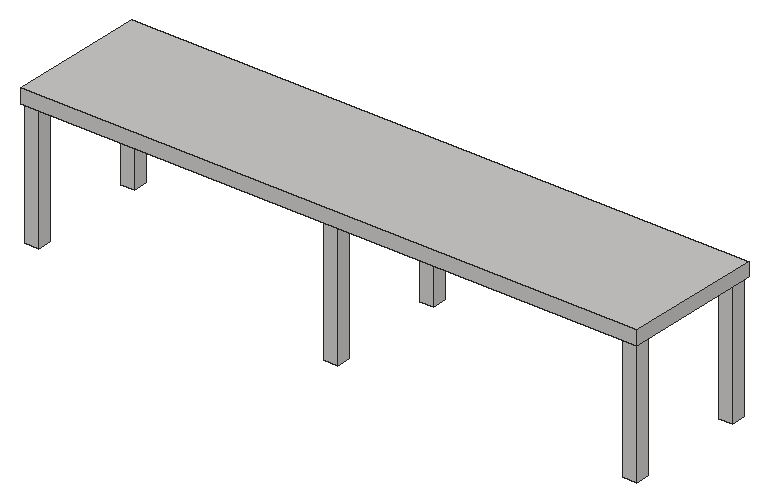
Revit family "QF_ZANUSSI_132992_OSH1L18", category Attrezzature speciali, Revit 2021
Family settings
  Quota connettore circolare = Usa diametro
  Tipo di parte = Normale
  Basato su piano di lavoro = No
  Sempre verticale = Sì
  Taglio con vuoti quando caricato = No
  Condiviso = No
  Punto di calcolo locali = No
Parameters (values of type "Standard")
  Weight = 26.00 kg
  Watts = 1100 W
  Volts = 220 V
  URL Manufacturer = "http://www.zanussiprofessional.com"
  URL = "http://www.zanussiprofessional.com"
  Steam Supply Size = 0 mm
  Steam Supply Minimum Pressure = 0.0 Pa
  Steam Supply Maximum Pressure = 0.0 Pa
  Steam Consumption per Hour = 0
  Refrigeration Suction Line Size = 0.0 mm
  Refrigeration Liquid Line Size = 0.0 mm
  Refrigerant Compressor Remote = yes
  Prospetto di default = 0.0 mm
  Phase = 1
  Modello = "OSH1L18"
  Produttore = "Zanussi"
  Length Actual = 1775.0 mm  # constant formula
  Item Number = "132992"
  Hot Water Size = 0 mm
  Height Actual = 400.0 mm  # constant formula
  HP = "1.5 HP"
  Gas Size = 0 mm
  Gas KW = 0
  Gas Input Pressure = 0 W
  Direct Waste Size = 0 mm
  Descrizione = "OVERSHELF, LED&CERAMIC, ONE TIER, 1800MM"
  Depth Actual = 400.0 mm  # constant formula
  Cycle = 50 Hz
  Condensate Return Size = 0 mm
  Compressed Air Volume = 0.0 L/s
  Compressed Air Size = 0 mm
  Compressed Air Pressure = 0.0 Pa
  Cold Water Size = 0 mm
  Accessory = yes
Reference planes
  plane 1 "Center (Front/Back)": y = 0
  plane 2: z = 0
  plane 3 "Center (Left/Right)": x = -387.5
  plane 4 "LEFT": x = -1275
  plane 5 "RIGHT": x = 500
  plane 6 "BACK": y = 350
  plane 7 "FRONT": y = -50
  plane 8 "Base": z = 1260
  plane 9 "TOP": z = 1300
  plane 10: x = -1247.2
  plane 11: x = 472.2
  plane 12: y = 322.2
  plane 13: y = -22.2
  plane 14: z = 900
  plane 15 "HotElemLeft": x = -1177.5
  plane 16 "HotElemRight": x = -457.5
  plane 17 "Button": x = -487.5
  plane 18 "Pulsante": through (0, 98.177, 1177.215) normal (0, 0.9659, -0.2588)
  plane 19: x = -1147.5
  plane 20: x = -817.5
  plane 21: x = 42.5
  plane 22 "HotElemLeft2": x = -317.5
  plane 23 "HotElemRight2": x = 402.5
  plane 24: x = 372.5
  plane 25: x = -287.5
  plane 26 "LedLeft": x = -1022.5
  plane 27 "LedRight": x = 247.5
Forms (mm)
  Extrusion 1, solid, material "QF_Finishes_Stainless Steel"
    sketch origin (-387.5, 0, 900) x (0, 1, 0) y (0, 0, 1)
      loop
        line (-50, 360) -> (350, 360) -> (350, 400) -> (-50, 400) -> (-50, 360)
    from 887.5 to -887.5
  Extrusion 2, solid, material "QF_Finishes_Stainless Steel"
    sketch origin (-1177.5, 0, 0) x (0, 0, -1) y (0, -1, 0)
      loop
        line (-1260, -125) -> (-1260, -175) -> (-1240, -175) -> (-1240, -185) -> (-1177.215, -201.823) -> (-1177.215, -189.823) -> (-1200.196, -170.54) -> (-1200.196, -129.46) -> (-1177.215, -110.177) -> (-1177.215, -98.177) -> (-1240, -115) -> (-1240, -125) -> (-1260, -125)
    from -2 to 0
  Extrusion 3, solid, material "QF_Finishes_Stainless Steel"
    sketch origin (-457.5, 0, 0) x (0, 0, -1) y (0, -1, 0)
      loop
        line (-1260, -125) -> (-1260, -175) -> (-1240, -175) -> (-1240, -185) -> (-1177.215, -201.823) -> (-1177.215, -189.823) -> (-1200.196, -170.54) -> (-1200.196, -129.46) -> (-1177.215, -110.177) -> (-1177.215, -98.177) -> (-1240, -115) -> (-1240, -125) -> (-1260, -125)
    from 0 to 2
  Extrusion 4, solid, material "QF_Finishes_Stainless Steel"
    sketch origin (-387.5, 0, 0) x (0, 1, 0) y (0, 0, 1)
      loop
        line (175, 1260) -> (125, 1260) -> (125, 1240) -> (115, 1240) -> (98.177, 1177.215) -> (110.177, 1177.215) -> (110.177, 1179.215) -> (100.783, 1179.215) -> (116.535, 1238) -> (127, 1238) -> (127, 1258) -> (173, 1258) -> (173, 1238) -> (183.465, 1238) -> (199.217, 1179.215) -> (189.823, 1179.215) -> (189.823, 1177.215) -> (201.823, 1177.215) -> (185, 1240) -> (175, 1240) -> (175, 1260)
      loop
        line (170.54, 1200.196) -> (170.54, 1202.196) -> (129.46, 1202.196) -> (129.46, 1200.196) -> (170.54, 1200.196)
    from -72 to -788
  Extrusion 5, solid, material "QF_Plastic-Black-Matte"
    sketch origin (80.054, -206.22, 41.192) x (0, -0.258819, -0.965926) y (-1, 0, 0)
      loop
        line (-1235.373, 583.554) -> (-1235.373, 551.554) -> (-1215.373, 551.554) -> (-1215.373, 583.554) -> (-1235.373, 583.554)
      loop
        line (-1233.373, 581.554) -> (-1233.373, 553.554) -> (-1217.373, 553.554) -> (-1217.373, 581.554) -> (-1233.373, 581.554)
    from 0 to -2
  Sweep 6, solid, material "QF_Finishes_Green"
    path origin (80.054, -206.22, 41.192) x (0, -0.258819, -0.965926) y (-1, 0, 0)
      loop
        line (-1233.373, 581.554) -> (-1217.373, 581.554)
    profile origin (-501.5, 110.93, 1224.811) x (-1, 0, 0) y (0, 0.965926, -0.258819)
      loop
        line (0, 0) -> (-28, 0) -> (-28, -2) -> (-14, -2) -> (-2.294, -8) -> (0, 0)
  Extrusion 7, solid, material "QF_Finishes_Light"
    sketch origin (-387.5, 0, 0) x (0, 1, 0) y (0, 0, 1)
      loop
        arc (175.262, 1176.834) -> (179.051, 1178.162) -> (178.135, 1182.071) r 3.003
        arc (178.135, 1182.071) -> (168.398, 1186.322) -> (158.051, 1188.738) r 58.388
        line (158.051, 1188.738) -> (158.051, 1200.196) -> (141.949, 1200.196) -> (141.949, 1189.541)
        arc (141.949, 1189.541) -> (131.603, 1187.125) -> (121.866, 1182.874) r 58.388
        arc (121.866, 1182.874) -> (120.548, 1178.491) -> (124.821, 1176.854) r 3.362
        arc (124.821, 1176.854) -> (150.044, 1183.315) -> (175.262, 1176.834) r 52.386
    from -760 to -100
  Extrusion 8, solid, material "QF_Finishes_Stainless Steel"
    sketch origin (-317.5, 0, 0) x (0, 0, -1) y (0, -1, 0)
      loop
        line (-1260, -125) -> (-1260, -175) -> (-1240, -175) -> (-1240, -185) -> (-1177.215, -201.823) -> (-1177.215, -189.823) -> (-1200.196, -170.54) -> (-1200.196, -129.46) -> (-1177.215, -110.177) -> (-1177.215, -98.177) -> (-1240, -115) -> (-1240, -125) -> (-1260, -125)
    from -2 to 0
  Extrusion 9, solid, material "QF_Finishes_Stainless Steel"
    sketch origin (402.5, 0, 0) x (0, 0, -1) y (0, -1, 0)
      loop
        line (-1260, -125) -> (-1260, -175) -> (-1240, -175) -> (-1240, -185) -> (-1177.215, -201.823) -> (-1177.215, -189.823) -> (-1200.196, -170.54) -> (-1200.196, -129.46) -> (-1177.215, -110.177) -> (-1177.215, -98.177) -> (-1240, -115) -> (-1240, -125) -> (-1260, -125)
    from 0 to 2
  Extrusion 10, solid, material "QF_Finishes_Stainless Steel"
    sketch origin (472.5, 0, 0) x (0, 1, 0) y (0, 0, 1)
      loop
        line (175, 1260) -> (125, 1260) -> (125, 1240) -> (115, 1240) -> (98.177, 1177.215) -> (110.177, 1177.215) -> (110.177, 1179.215) -> (100.783, 1179.215) -> (116.535, 1238) -> (127, 1238) -> (127, 1258) -> (173, 1258) -> (173, 1238) -> (183.465, 1238) -> (199.217, 1179.215) -> (189.823, 1179.215) -> (189.823, 1177.215) -> (201.823, 1177.215) -> (185, 1240) -> (175, 1240) -> (175, 1260)
      loop
        line (170.54, 1200.196) -> (170.54, 1202.196) -> (129.46, 1202.196) -> (129.46, 1200.196) -> (170.54, 1200.196)
    from -72 to -788
  Extrusion 11, solid, material "QF_Plastic-Black-Matte"
    sketch origin (940.054, -206.22, 41.192) x (0, -0.258819, -0.965926) y (-1, 0, 0)
      loop
        line (-1235.373, 583.554) -> (-1235.373, 551.554) -> (-1215.373, 551.554) -> (-1215.373, 583.554) -> (-1235.373, 583.554)
      loop
        line (-1233.373, 581.554) -> (-1233.373, 553.554) -> (-1217.373, 553.554) -> (-1217.373, 581.554) -> (-1233.373, 581.554)
    from 0 to -2
  Sweep 12, solid, material "QF_Finishes_Green"
    path origin (940.054, -206.22, 41.192) x (0, -0.258819, -0.965926) y (-1, 0, 0)
      loop
        line (-1233.373, 581.554) -> (-1217.373, 581.554)
    profile origin (358.5, 110.93, 1224.811) x (-1, 0, 0) y (0, 0.965926, -0.258819)
      loop
        line (0, 0) -> (-28, 0) -> (-28, -2) -> (-14, -2) -> (-2.294, -8) -> (0, 0)
  Extrusion 13, solid, material "QF_Finishes_Light"
    sketch origin (472.5, 0, 0) x (0, 1, 0) y (0, 0, 1)
      loop
        arc (175.262, 1176.834) -> (179.051, 1178.162) -> (178.135, 1182.071) r 3.003
        arc (178.135, 1182.071) -> (168.398, 1186.322) -> (158.051, 1188.738) r 58.388
        line (158.051, 1188.738) -> (158.051, 1200.196) -> (141.949, 1200.196) -> (141.949, 1189.541)
        arc (141.949, 1189.541) -> (131.603, 1187.125) -> (121.866, 1182.874) r 58.388
        arc (121.866, 1182.874) -> (120.548, 1178.491) -> (124.821, 1176.854) r 3.362
        arc (124.821, 1176.854) -> (150.044, 1183.315) -> (175.262, 1176.834) r 52.386
    from -760 to -100
  Extrusion 14, void
    sketch origin (12.5, -8.708, 0) x (0, 1, 0) y (0, 0, 1)
      loop
        line (305.908, 1270) -> (285.908, 1270) -> (285.908, 1260) -> (305.908, 1260) -> (305.908, 1270)
    from -1035 to 235
  Extrusion 15, solid, material "QF_Finishes_Light"
    sketch origin (12.5, -8.708, 0) x (0, 1, 0) y (0, 0, 1)
      loop
        line (305.908, 1270) -> (285.908, 1270) -> (285.908, 1260) -> (305.908, 1260) -> (305.908, 1270)
    from -1035 to 235
Cuts and joins
  Extrusion 14 cuts Extrusion 1
Lines and regions (mm)
  symbolic lines
    curve 1: line (500, 350, 1300) -> (-1275, 350, 1300)
    curve 2: line (-1275, 350, 1300) -> (-1275, -50, 1300)
    curve 3: line (-1275, -50, 1300) -> (500, -50, 1300)
    curve 4: line (500, -50, 1300) -> (500, 350, 1300)
    curve 5: line (-1275, -50, 1300) -> (500, 350, 1300)
  symbolic lines, style "SpecialityEquipmentHiddenLines"
    curve 6: line (-1267.2, -2.2, 1300) -> (-1227.2, -2.2, 1300)
    curve 7: line (-1227.2, -2.2, 1300) -> (-1227.2, -42.2, 1300)
    curve 8: line (-1227.2, -42.2, 1300) -> (-1267.2, -42.2, 1300)
    curve 9: line (-1267.2, -42.2, 1300) -> (-1267.2, -2.2, 1300)
    curve 10: line (-1267.2, 342.2, 1300) -> (-1227.2, 342.2, 1300)
    curve 11: line (-1227.2, 342.2, 1300) -> (-1227.2, 302.2, 1300)
    curve 12: line (-1227.2, 302.2, 1300) -> (-1267.2, 302.2, 1300)
    curve 13: line (-1267.2, 302.2, 1300) -> (-1267.2, 342.2, 1300)
    curve 14: line (452.2, 342.2, 1300) -> (492.2, 342.2, 1300)
    curve 15: line (492.2, 342.2, 1300) -> (492.2, 302.2, 1300)
    curve 16: line (492.2, 302.2, 1300) -> (452.2, 302.2, 1300)
    curve 17: line (452.2, 302.2, 1300) -> (452.2, 342.2, 1300)
    curve 18: line (452.2, -2.2, 1300) -> (492.2, -2.2, 1300)
    curve 19: line (492.2, -2.2, 1300) -> (492.2, -42.2, 1300)
    curve 20: line (492.2, -42.2, 1300) -> (452.2, -42.2, 1300)
    curve 21: line (452.2, -42.2, 1300) -> (452.2, -2.2, 1300)
Dimensions and locks
  plane 4 "LEFT" to plane 5 "RIGHT" = 1775.0 mm
  equal spacing: plane 4 "LEFT", plane 3 "Center (Left/Right)", plane 5 "RIGHT"
  plane 4 "LEFT" to plane 10 = 27.8 mm
  plane 11 to plane 5 "RIGHT" = 27.8 mm
  plane 10 to plane 11 = 1719.4 mm
  plane 6 "BACK" to plane 12 = 27.8 mm
  plane 13 to plane 7 "FRONT" = 27.8 mm
  plane 6 "BACK" to plane 7 "FRONT" = 400.0 mm
  plane 12 to plane 13 = 344.4 mm
  plane 6 "BACK" to plane 1 "Center (Front/Back)" to plane 7 "FRONT" = 350.0 mm, 50.0 mm
  plane 14 to level = 900.0 mm
  locked: plane 8 "Base" to plane 14 at 360
  locked: plane 9 "TOP" to plane 14 at 400
  locked: plane 17 "Button" to plane 16 "HotElemRight" at 30
  locked: plane 15 "HotElemLeft" to plane 19 at 30
  locked: plane 20 to plane 15 "HotElemLeft" at 360
  locked: plane 16 "HotElemRight" to plane 20 at 360
  locked: plane 3 "Center (Left/Right)" to plane 20 at 430
  locked: plane 21 to plane 3 "Center (Left/Right)" at 430
  locked: plane 24 to plane 23 "HotElemRight2" at 30
  locked: plane 22 "HotElemLeft2" to plane 25 at 30
  plane 3 "Center (Left/Right)" to plane 26 "LedLeft" = 635.0 mm
  plane 27 "LedRight" to plane 3 "Center (Left/Right)" = 635.0 mm
  aligned and locked: level to plane 2
  aligned and locked: plane 10 to nested 1
  aligned and locked: nested 1 to plane 13
  aligned and locked: plane 11 to nested 2
  aligned and locked: nested 2 to plane 13
  aligned and locked: plane 11 to nested 4
  aligned and locked: nested 4 to plane 12
  aligned and locked: plane 10 to nested 3
  aligned and locked: nested 3 to plane 12
  aligned and locked: Extrusion 1 to plane 4 "LEFT"
  aligned and locked: plane 5 "RIGHT" to Extrusion 1
  aligned and locked: curve 2 to plane 4 "LEFT"
  aligned and locked: plane 15 "HotElemLeft" to Extrusion 2
  aligned and locked: Extrusion 3 to plane 16 "HotElemRight"
  aligned and locked: Extrusion 4 to Extrusion 2
  aligned and locked: Extrusion 4 to Extrusion 3
  aligned and locked: plane 17 "Button" to Sweep 6
  aligned and locked: Extrusion 7 to plane 19
  aligned and locked: plane 17 "Button" to Extrusion 7
  aligned and locked: plane 3 "Center (Left/Right)" to nested 5
  aligned and locked: plane 3 "Center (Left/Right)" to nested 6
  aligned and locked: plane 22 "HotElemLeft2" to Extrusion 8
  aligned and locked: Extrusion 9 to plane 23 "HotElemRight2"
  aligned and locked: Extrusion 10 to Extrusion 8
  aligned and locked: Extrusion 10 to Extrusion 9
  aligned and locked: plane 24 to Sweep 12
  aligned and locked: Extrusion 13 to plane 25
  aligned and locked: plane 24 to Extrusion 13
  aligned and locked: Extrusion 15 to plane 26 "LedLeft"
  aligned and locked: Extrusion 14 to plane 26 "LedLeft"
  aligned and locked: plane 27 "LedRight" to Extrusion 15
  aligned and locked: plane 27 "LedRight" to Extrusion 14
Automatic sketch dimensions
  curve 4 to plane 5 "RIGHT" = 0.0 mm
  curve 4 to plane 7 "FRONT" = 0.0 mm
  curve 4 to plane 6 "BACK" = 0.0 mm
  plane 7 "FRONT" to curve 20 = 7.8 mm
  plane 7 "FRONT" to curve 9 = 7.8 mm
  plane 1 "Center (Front/Back)" to curve 6 = 2.2 mm
  plane 1 "Center (Front/Back)" to curve 21 = 2.2 mm
  curve 11 to plane 12 = 20.0 mm
  curve 17 to plane 12 = 20.0 mm
  curve 15 to plane 6 "BACK" = 7.8 mm
  curve 13 to plane 6 "BACK" = 7.8 mm
  curve 19 to plane 5 "RIGHT" = 7.8 mm
  curve 15 to plane 5 "RIGHT" = 7.8 mm
  curve 16 to plane 11 = 20.0 mm
  curve 18 to plane 11 = 20.0 mm
  plane 10 to curve 11 = 20.0 mm
  plane 10 to curve 6 = 20.0 mm
  plane 4 "LEFT" to curve 9 = 7.8 mm
  plane 4 "LEFT" to curve 10 = 7.8 mm
  Extrusion 1 sketch curve to plane 7 "FRONT" = 0.0 mm
  Extrusion 1 sketch curve to plane 6 "BACK" = 0.0 mm
  Extrusion 1 sketch curve to plane 8 "Base" = 0.0 mm
  Extrusion 1 sketch curve to plane 9 "TOP" = 0.0 mm
  Extrusion 2 sketch curve to plane 8 "Base" = 0.0 mm
  plane 18 "Pulsante" to Extrusion 2 sketch curve = 0.0 mm  (x2)
  Extrusion 2 sketch curve to plane 8 "Base" = 20.0 mm  (x2)
  Extrusion 2 sketch curve to Extrusion 2 sketch curve = 39.804 mm
  Extrusion 2 sketch curve to Extrusion 2 sketch curve = 22.981 mm  (x2)
  Extrusion 2 sketch curve to Extrusion 2 sketch curve = 10.0 mm  (x2)
  Extrusion 2 sketch curve to Extrusion 2 sketch curve = 31.284 mm
  Extrusion 2 sketch curve to Extrusion 2 sketch curve = 41.079 mm
  Extrusion 2 sketch curve to Extrusion 2 sketch curve = 4.46 mm
  Extrusion 2 sketch curve to Extrusion 2 sketch curve = 19.284 mm
  Extrusion 2 sketch curve to Extrusion 2 sketch curve = 12.0 mm  (x2)
  Extrusion 3 sketch curve to plane 8 "Base" = 0.0 mm
  plane 18 "Pulsante" to Extrusion 3 sketch curve = 0.0 mm  (x2)
  Extrusion 3 sketch curve to Extrusion 3 sketch curve = 20.0 mm
  Extrusion 3 sketch curve to plane 8 "Base" = 20.0 mm
  Extrusion 3 sketch curve to Extrusion 3 sketch curve = 39.804 mm
  Extrusion 3 sketch curve to Extrusion 3 sketch curve = 22.981 mm  (x2)
  Extrusion 3 sketch curve to Extrusion 3 sketch curve = 10.0 mm  (x2)
  Extrusion 3 sketch curve to Extrusion 3 sketch curve = 31.284 mm
  Extrusion 3 sketch curve to Extrusion 3 sketch curve = 41.079 mm
  Extrusion 3 sketch curve to Extrusion 3 sketch curve = 4.46 mm
  Extrusion 3 sketch curve to Extrusion 3 sketch curve = 19.284 mm
  Extrusion 3 sketch curve to Extrusion 3 sketch curve = 12.0 mm  (x2)
  plane 18 "Pulsante" to Extrusion 4 sketch curve = 0.0 mm  (x2)
  Extrusion 4 sketch curve to plane 8 "Base" = 0.0 mm
  Extrusion 4 sketch curve to plane 8 "Base" = 82.785 mm
  Extrusion 4 sketch curve to Extrusion 4 sketch curve = 2.606 mm  (x2)
  Extrusion 4 sketch curve to Extrusion 4 sketch curve = 9.394 mm  (x2)
  Extrusion 4 sketch curve to plane 8 "Base" = 20.0 mm  (x2)
  Extrusion 4 sketch curve to Extrusion 4 sketch curve = 1.535 mm  (x2)
  Extrusion 4 sketch curve to Extrusion 4 sketch curve = 8.465 mm  (x2)
  Extrusion 4 sketch curve to Extrusion 4 sketch curve = 2.0 mm  (x7)
  Extrusion 4 sketch curve to Extrusion 4 sketch curve = 19.284 mm  (x2)
  Extrusion 4 sketch curve to Extrusion 4 sketch curve = 41.079 mm
  Extrusion 4 sketch curve to Extrusion 4 sketch curve = 2.46 mm
  Extrusion 4 sketch curve to Extrusion 4 sketch curve = 62.785 mm
  Extrusion 4 sketch curve to Extrusion 4 sketch curve = 20.981 mm
  Extrusion 4 sketch curve to plane 8 "Base" = 2.0 mm
  plane 16 "HotElemRight" to Extrusion 5 sketch curve = 14.0 mm
  Extrusion 5 sketch curve to Extrusion 5 sketch curve = 2.0 mm  (x4)
  Extrusion 5 sketch curve to Extrusion 5 sketch curve = 16.0 mm
  Extrusion 5 sketch curve to plane 17 "Button" = 14.0 mm
  Sweep 6 sketch curve to plane 17 "Button" = 14.0 mm
  Sweep 6 sketch curve to Sweep 6 sketch curve = 16.0 mm
  plane 18 "Pulsante" to Sweep 6 sketch curve = 0.0 mm
  Sweep 6 sketch curve to profile plane = 0.0 mm
  profile plane to Sweep 6 sketch curve = 2.294 mm
  Sweep 6 sketch curve to plane 18 "Pulsante" = 2.0 mm
  Sweep 6 sketch curve to Sweep 6 sketch curve = 11.706 mm
  Sweep 6 sketch curve to Sweep 6 sketch curve = 14.0 mm
  Sweep 6 sketch curve to plane 18 "Pulsante" = 8.0 mm
  Extrusion 7 sketch curve to plane 1 "Center (Front/Back)" = 123.566 mm
  Extrusion 7 sketch curve to Extrusion 7 sketch curve = 18.383 mm
  Extrusion 7 sketch curve to Extrusion 7 sketch curve = 26.434 mm
  Extrusion 7 sketch curve to Extrusion 7 sketch curve = 0.0 mm
  Extrusion 7 sketch curve to Extrusion 7 sketch curve = 0.023 mm
  Extrusion 7 sketch curve to Extrusion 7 sketch curve = 16.102 mm
  Extrusion 7 sketch curve to Extrusion 7 sketch curve = 18.367 mm
  Extrusion 7 sketch curve to plane 8 "Base" = 129.092 mm
  Extrusion 7 sketch curve to Extrusion 7 sketch curve = 0.021 mm
  Extrusion 7 sketch curve to Extrusion 7 sketch curve = 0.782 mm
  Extrusion 7 sketch curve to Extrusion 7 sketch curve = 47.896 mm
  Extrusion 7 sketch curve to Extrusion 7 sketch curve = 0.367 mm
  Extrusion 7 sketch curve to Extrusion 7 sketch curve = 9.132 mm
  Extrusion 7 sketch curve to Extrusion 7 sketch curve = 0.803 mm
  Extrusion 7 sketch curve to Extrusion 7 sketch curve = 11.458 mm
  Extrusion 7 sketch curve to Extrusion 7 sketch curve = 1.7 mm
  Extrusion 7 sketch curve to Extrusion 7 sketch curve = 1.255 mm
  Extrusion 7 sketch curve to Extrusion 7 sketch curve = 1.156 mm
  Extrusion 8 sketch curve to plane 8 "Base" = 0.0 mm
  plane 18 "Pulsante" to Extrusion 8 sketch curve = 0.0 mm  (x2)
  Extrusion 8 sketch curve to Extrusion 8 sketch curve = 20.0 mm
  Extrusion 8 sketch curve to plane 8 "Base" = 20.0 mm
  Extrusion 8 sketch curve to Extrusion 8 sketch curve = 39.804 mm
  Extrusion 8 sketch curve to Extrusion 8 sketch curve = 22.981 mm  (x2)
  Extrusion 8 sketch curve to Extrusion 8 sketch curve = 10.0 mm  (x2)
  Extrusion 8 sketch curve to Extrusion 8 sketch curve = 31.284 mm
  Extrusion 8 sketch curve to Extrusion 8 sketch curve = 41.079 mm
  Extrusion 8 sketch curve to Extrusion 8 sketch curve = 4.46 mm
  Extrusion 8 sketch curve to Extrusion 8 sketch curve = 19.284 mm
  Extrusion 8 sketch curve to Extrusion 8 sketch curve = 12.0 mm  (x2)
  Extrusion 9 sketch curve to plane 8 "Base" = 0.0 mm
  plane 18 "Pulsante" to Extrusion 9 sketch curve = 0.0 mm  (x2)
  Extrusion 9 sketch curve to Extrusion 9 sketch curve = 20.0 mm
  Extrusion 9 sketch curve to plane 8 "Base" = 20.0 mm
  Extrusion 9 sketch curve to Extrusion 9 sketch curve = 39.804 mm
  Extrusion 9 sketch curve to Extrusion 9 sketch curve = 22.981 mm  (x2)
  Extrusion 9 sketch curve to Extrusion 9 sketch curve = 10.0 mm  (x2)
  Extrusion 9 sketch curve to Extrusion 9 sketch curve = 31.284 mm
  Extrusion 9 sketch curve to Extrusion 9 sketch curve = 41.079 mm
  Extrusion 9 sketch curve to Extrusion 9 sketch curve = 4.46 mm
  Extrusion 9 sketch curve to Extrusion 9 sketch curve = 19.284 mm
  Extrusion 9 sketch curve to Extrusion 9 sketch curve = 12.0 mm  (x2)
  plane 18 "Pulsante" to Extrusion 10 sketch curve = 0.0 mm  (x2)
  Extrusion 10 sketch curve to plane 8 "Base" = 0.0 mm
  Extrusion 10 sketch curve to plane 8 "Base" = 82.785 mm
  Extrusion 10 sketch curve to Extrusion 10 sketch curve = 2.606 mm  (x2)
  Extrusion 10 sketch curve to Extrusion 10 sketch curve = 9.394 mm  (x2)
  Extrusion 10 sketch curve to plane 8 "Base" = 20.0 mm  (x2)
  Extrusion 10 sketch curve to Extrusion 10 sketch curve = 1.535 mm  (x2)
  Extrusion 10 sketch curve to Extrusion 10 sketch curve = 8.465 mm  (x2)
  Extrusion 10 sketch curve to Extrusion 10 sketch curve = 2.0 mm  (x7)
  Extrusion 10 sketch curve to Extrusion 10 sketch curve = 19.284 mm  (x2)
  Extrusion 10 sketch curve to Extrusion 10 sketch curve = 41.079 mm
  Extrusion 10 sketch curve to Extrusion 10 sketch curve = 2.46 mm
  Extrusion 10 sketch curve to Extrusion 10 sketch curve = 62.785 mm
  Extrusion 10 sketch curve to Extrusion 10 sketch curve = 20.981 mm
  Extrusion 10 sketch curve to plane 8 "Base" = 2.0 mm
  plane 23 "HotElemRight2" to Extrusion 11 sketch curve = 14.0 mm
  Extrusion 11 sketch curve to Extrusion 11 sketch curve = 2.0 mm  (x4)
  Extrusion 11 sketch curve to Extrusion 11 sketch curve = 16.0 mm
  Extrusion 11 sketch curve to plane 24 = 14.0 mm
  Sweep 12 sketch curve to plane 24 = 14.0 mm
  Sweep 12 sketch curve to Sweep 12 sketch curve = 16.0 mm
  profile plane to Sweep 12 sketch curve = 0.0 mm
  Sweep 12 sketch curve to profile plane = 0.0 mm
  profile plane to Sweep 12 sketch curve = 2.294 mm
  Sweep 12 sketch curve to profile plane = 2.0 mm
  Sweep 12 sketch curve to Sweep 12 sketch curve = 11.706 mm
  Sweep 12 sketch curve to Sweep 12 sketch curve = 14.0 mm
  Sweep 12 sketch curve to profile plane = 8.0 mm
  Extrusion 13 sketch curve to plane 1 "Center (Front/Back)" = 123.566 mm
  Extrusion 13 sketch curve to Extrusion 13 sketch curve = 18.383 mm
  Extrusion 13 sketch curve to Extrusion 13 sketch curve = 26.434 mm
  Extrusion 13 sketch curve to Extrusion 13 sketch curve = 0.0 mm
  Extrusion 13 sketch curve to Extrusion 13 sketch curve = 0.023 mm
  Extrusion 13 sketch curve to Extrusion 13 sketch curve = 16.102 mm
  Extrusion 13 sketch curve to Extrusion 13 sketch curve = 18.367 mm
  Extrusion 13 sketch curve to plane 8 "Base" = 129.092 mm
  Extrusion 13 sketch curve to Extrusion 13 sketch curve = 0.021 mm
  Extrusion 13 sketch curve to Extrusion 13 sketch curve = 0.782 mm
  Extrusion 13 sketch curve to Extrusion 13 sketch curve = 47.896 mm
  Extrusion 13 sketch curve to Extrusion 13 sketch curve = 0.367 mm
  Extrusion 13 sketch curve to Extrusion 13 sketch curve = 9.132 mm
  Extrusion 13 sketch curve to Extrusion 13 sketch curve = 0.803 mm
  Extrusion 13 sketch curve to Extrusion 13 sketch curve = 11.458 mm
  Extrusion 13 sketch curve to Extrusion 13 sketch curve = 1.7 mm
  Extrusion 13 sketch curve to Extrusion 13 sketch curve = 1.255 mm
  Extrusion 13 sketch curve to Extrusion 13 sketch curve = 1.156 mm
  Extrusion 14 sketch curve to plane 8 "Base" = 0.0 mm
  plane 8 "Base" to Extrusion 14 sketch curve = 10.0 mm
  Extrusion 14 sketch curve to plane 12 = 45.0 mm
  Extrusion 14 sketch curve to Extrusion 14 sketch curve = 20.0 mm
  Extrusion 15 sketch curve to plane 8 "Base" = 0.0 mm
  plane 8 "Base" to Extrusion 15 sketch curve = 10.0 mm
  Extrusion 15 sketch curve to plane 12 = 45.0 mm
  Extrusion 15 sketch curve to Extrusion 15 sketch curve = 20.0 mm
Nested families
  nested 1: "FEET_40x40_H360" at (-1247.2, -22.2, 900), type "FEET_40x40_H360"
  nested 2: "FEET_40x40_H360" at (472.2, -22.2, 900), type "FEET_40x40_H360"
  nested 3: "FEET_40x40_H360" at (-1247.2, 322.2, 900), type "FEET_40x40_H360"
  nested 4: "FEET_40x40_H360" at (472.2, 322.2, 900), type "FEET_40x40_H360"
  nested 5: "FEET_40x40_H360" at (-387.5, -22.2, 900), type "FEET_40x40_H360"
  nested 6: "FEET_40x40_H360" at (-387.5, 322.2, 900), type "FEET_40x40_H360"
Connectors
  electrical at (-487.5, 108.998, 1225.328), driven by "Volts"
    settings: on Extrusion 5, index 1, voltage 220 V, apparent load 0 VA, apparent load phase1 0 VA, apparent load phase2 0 VA, apparent load phase3 0 VA, power factor 1, load classification "Other", number of poles 1, system type 30, power factor state 1, is connector primary yes, connector utility no, sub classification motor no, connector description "Electrical Connection"
  electrical at (372.5, 108.998, 1225.328), driven by "Volts"
    settings: on Extrusion 11, index 2, voltage 220 V, apparent load 0 VA, apparent load phase1 0 VA, apparent load phase2 0 VA, apparent load phase3 0 VA, power factor 1, load classification "Other", number of poles 1, system type 30, power factor state 1, is connector primary no, connector utility no, sub classification motor no, connector description "Electrical Connection"
Definition of nested family "FEET_40x40_H360"
  Parameters
    Default Elevation = 0.0 mm
    FEET = 360.0 mm
  Reference planes
    plane 1 "Center (Front/Back)": y = 0
    plane 2: z = 0
    plane 3 "Center (Left/Right)": x = 0
    plane 4: z = 360
  Forms (mm)
    Extrusion 1, solid
      sketch origin (0, 0, 0) x (1, 0, 0) y (0, 1, 0)
        loop
          line (-20, -20) -> (20, -20) -> (20, 20) -> (-20, 20) -> (-20, -20)
      from 0 to 360
  Lines and regions (mm)
    symbolic lines
      curve 1: line (0, -1.503, 0) -> (0, 1.508, 0)
      curve 2: line (1.561, 0, 0) -> (-1.439, 0, 0)
  Dimensions and locks
    "FEET": plane 4 to plane 2
    aligned and locked: level to plane 2
  Automatic sketch dimensions
    plane 1 "Center (Front/Back)" to curve 2 = 0.0 mm
    curve 1 to plane 3 "Center (Left/Right)" = 0.0 mm
    curve 2 to plane 3 "Center (Left/Right)" = 1.439 mm
    plane 3 "Center (Left/Right)" to curve 2 = 1.561 mm
    plane 1 "Center (Front/Back)" to curve 1 = 1.503 mm
    curve 1 to plane 1 "Center (Front/Back)" = 1.508 mm
    Extrusion 1 sketch curve to plane 3 "Center (Left/Right)" = 20.0 mm
    plane 3 "Center (Left/Right)" to Extrusion 1 sketch curve = 20.0 mm
    plane 1 "Center (Front/Back)" to Extrusion 1 sketch curve = 20.0 mm
    Extrusion 1 sketch curve to plane 1 "Center (Front/Back)" = 20.0 mm
